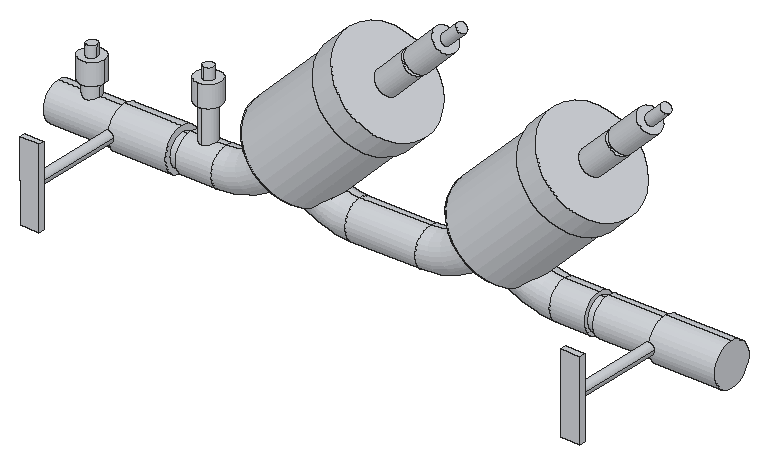
Revit family "3296f6af421649e3bc2975a93fadee55", category Pipe Accessories, Revit 2021
Family settings
  Round Connector Dimension = Use Radius
  Part Type = Valve - Breaks Into
  OmniClass Number = 23.65.55.14.21
  OmniClass Title = Non-Return Valves for Liquid Services
  Seek Item ID = Backflow Preventer - 0.5-2 Inch-0000-USA-ENU
  Work Plane-Based = No
  Always vertical = Yes
  Cut with Voids When Loaded = No
  Shared = No
Parameters (values of type "1/2"")
  Width 2 = Outside Radius * 0.45  # 0' - 0.135"
  Width 1 = 0' - 0 3/4"
  Valve Material = none
  Valve Length = 0' - 9 9/16"
  Thickness 1 = Outside Radius * 0.25  # 0' - 0.075"
  Radius 9 = Outside Radius * 0.4  # 0' - 0.12"
  Radius 8 = Outside Radius * 0.25  # 0' - 0.075"
  Radius 7 = Outside Radius * 0.6  # 0' - 0.18"
  Radius 6 = Width 1  # 0' - 0 3/4"
  Radius 5 = 0.95 * Width 1  # 0' - 0.7125"
  Radius 4 = Outside Radius * 0.75  # 0' - 0.225"
  Radius 3 = Outside Radius * 0.9  # 0' - 0.27"
  Radius 2 = 0' - 1"
  Radius 10 = 0.75 * Width 1  # 0' - 0 9/16"
  Radius 1 = 0' - 1"
  Pressure Drop [instance] = 5.00 psi
  Outside Radius = 1 / 2 * Outside Diameter  # 0' - 0.3"
  Outside Diameter = 1.2 * Nominal Diameter  # 0' - 0.6"
  Open Height = 0' - 3 11/16"
  Nominal Radius = 1/4"
  Nominal Diameter = Nominal Radius * 2  # 1/2"
  Length 9 = 1.75 / 20 * Length  # 0' - 0.32725"
  Length 8 = 0.25 / 20 * Length  # 0' - 0.04675"
  Length 7 = 3 / 20 * Length  # 0' - 0.56101"
  Length 6 = 2 / 20 * Length  # 0' - 0.374"
  Length 5 = 8 / 20 * Length  # 0' - 1.49602"
  Length 4 = 1 / 20 * Length  # 0' - 0.187"
  Length 3 = 1 / 4 * Length 1  # 0' - 0 1/8"
  Length 2 = 0' - 0 1/2"
  Length 1 = 0' - 0 1/2"
  Length = (C1 Offset 1 + (Radius 1 * sin(Angle 1)) - Radius 1) / sin(Angle 2)  # 0' - 3.74004"
  Height 6 = 1 / 6 * Height 1  # 0' - 0.15"
  Height 5 = 1 / 3 * Height 1  # 0' - 0.3"
  Height 4 = 1 / 20 * Height 1  # 0' - 0.045"
  Height 3 = 9 / 20 * Height 1  # 0' - 0.405"
  Height 2 = 2 * Outside Diameter  # 0' - 1.2"
  Height 1 = 1.5 * Outside Diameter  # 0' - 0.9"
  Default Elevation = 0' - 0"
  C1 Offset 2 = 0' - 1 11/16"
  C1 Offset 1 = 0' - 2 15/16"
  Body Length = 0' - 5 13/16"
  Angle 2 = 90.00° - Angle 1  # 45.00°
  Angle 1 = 45.00°
Types (7): name | Width 2 | Width 1 | Valve Length | Thickness 1 | Radius 9 | Radius 8 | Radius 7 | Radius 6 | Radius 5 | Radius 4 | Radius 3 | Radius 2 | Radius 10 | Radius 1 | Pressure Drop | Outside Radius | Outside Diameter | Open Height | Nominal Radius | Nominal Diameter | Length 9 | Length 8 | Length 7 | Length 6 | Length 5 | Length 4 | Length 3 | Length 2 | Length 1 | Length | Height 6 | Height 5 | Height 4 | Height 3 | Height 2 | Height 1 | C1 Offset 2 | C1 Offset 1 | Body Length
  (no name) | 0' - 0.135" | 0' - 0 3/4" | 0' - 9 9/16" | 0' - 0.075" | 0' - 0.12" | 0' - 0.075" | 0' - 0.18" | 0' - 0 3/4" | 0' - 0.7125" | 0' - 0.225" | 0' - 0.27" | 0' - 1" | 0' - 0 9/16" | 0' - 1" | 5.00 psi | 0' - 0.3" | 0' - 0.6" | 0' - 3 11/16" | 1/4" | 1/2" | 0' - 0.32725" | 0' - 0.04675" | 0' - 0.56101" | 0' - 0.374" | 0' - 1.49602" | 0' - 0.187" | 0' - 0 1/8" | 0' - 0 1/2" | 0' - 0 1/2" | 0' - 3.74004" | 0' - 0.15" | 0' - 0.3" | 0' - 0.045" | 0' - 0.405" | 0' - 1.2" | 0' - 0.9" | 0' - 1 11/16" | 0' - 2 15/16" | 0' - 5 13/16"
  1/2" | 0' - 0.135" | 0' - 0 3/4" | 0' - 9 9/16" | 0' - 0.075" | 0' - 0.12" | 0' - 0.075" | 0' - 0.18" | 0' - 0 3/4" | 0' - 0.7125" | 0' - 0.225" | 0' - 0.27" | 0' - 1" | 0' - 0 9/16" | 0' - 1" | 5.00 psi | 0' - 0.3" | 0' - 0.6" | 0' - 3 11/16" | 1/4" | 1/2" | 0' - 0.32725" | 0' - 0.04675" | 0' - 0.56101" | 0' - 0.374" | 0' - 1.49602" | 0' - 0.187" | 0' - 0 1/8" | 0' - 0 1/2" | 0' - 0 1/2" | 0' - 3.74004" | 0' - 0.15" | 0' - 0.3" | 0' - 0.045" | 0' - 0.405" | 0' - 1.2" | 0' - 0.9" | 0' - 1 11/16" | 0' - 2 15/16" | 0' - 5 13/16"
  3/4" | 0' - 0.2025" | 0' - 1 1/16" | 1' - 0 1/8" | 0' - 0.1125" | 0' - 0.18" | 0' - 0.1125" | 0' - 0.27" | 0' - 1 1/16" | 0' - 1.00937" | 0' - 0.3375" | 0' - 0.405" | 0' - 0 3/4" | 0' - 0 51/64" | 0' - 0 1/2" | 5.10 psi | 0' - 0.45" | 0' - 0.9" | 0' - 5" | 3/8" | 3/4" | 0' - 0.41498" | 0' - 0.05928" | 0' - 0.7114" | 0' - 0.47426" | 0' - 1.89706" | 0' - 0.23713" | 0' - 0 41/128" | 0' - 0 3/4" | 0' - 1 9/32" | 0' - 4.74264" | 0' - 0.225" | 0' - 0.45" | 0' - 0.0675" | 0' - 0.6075" | 0' - 1.8" | 0' - 1.35" | 0' - 2 1/16" | 0' - 3 1/2" | 0' - 7 11/16"
  1" | 0' - 0.27" | 0' - 1 5/16" | 1' - 2 3/16" | 0' - 0.15" | 0' - 0.24" | 0' - 0.15" | 0' - 0.36" | 0' - 1 5/16" | 0' - 1.24687" | 0' - 0.45" | 0' - 0.54" | 0' - 1 1/2" | 0' - 0 63/64" | 0' - 1" | 5.50 psi | 0' - 0.6" | 0' - 1.2" | 0' - 4 9/16" | 1/2" | 1" | 0' - 0.44326" | 0' - 0.06332" | 0' - 0.75988" | 0' - 0.50659" | 0' - 2.02635" | 0' - 0.25329" | 0' - 0 1/4" | 0' - 1" | 0' - 1" | 0' - 5.06586" | 0' - 0.3" | 0' - 0.6" | 0' - 0.09" | 0' - 0.81" | 0' - 2.4" | 0' - 1.8" | 0' - 2 7/16" | 0' - 3 7/8" | 0' - 9 5/8"
  1 1/4" | 0' - 0.3375" | 0' - 1 5/8" | 1' - 6 15/16" | 0' - 0 3/16" | 0' - 0.3" | 0' - 0 3/16" | 0' - 0.45" | 0' - 1 5/8" | 0' - 1.54375" | 0' - 0 9/16" | 0' - 0.675" | 0' - 2" | 0' - 1 7/32" | 0' - 1 1/2" | 5.00 psi | 0' - 0 3/4" | 0' - 1 1/2" | 0' - 6 1/8" | 5/8" | 1 1/4" | 0' - 0.57982" | 0' - 0.08283" | 0' - 0.99398" | 0' - 0.66265" | 0' - 2.65061" | 0' - 0.33133" | 0' - 0 1/4" | 0' - 1" | 0' - 1" | 0' - 6.62652" | 0' - 0 3/8" | 0' - 0 3/4" | 0' - 0.1125" | 0' - 1.0125" | 0' - 3" | 0' - 2 1/4" | 0' - 2 5/8" | 0' - 5 1/8" | 0' - 11 11/16"
  1 1/2" | 0' - 0.405" | 0' - 1 5/8" | 1' - 6 15/16" | 0' - 0.225" | 0' - 0.36" | 0' - 0.225" | 0' - 0.54" | 0' - 1 5/8" | 0' - 1.54375" | 0' - 0.675" | 0' - 0.81" | 0' - 2" | 0' - 1 7/32" | 0' - 1 1/2" | 5.00 psi | 0' - 0.9" | 0' - 1.8" | 0' - 6 1/8" | 3/4" | 1 1/2" | 0' - 0.57982" | 0' - 0.08283" | 0' - 0.99398" | 0' - 0.66265" | 0' - 2.65061" | 0' - 0.33133" | 0' - 0 1/4" | 0' - 1" | 0' - 1" | 0' - 6.62652" | 0' - 0.45" | 0' - 0.9" | 0' - 0.135" | 0' - 1.215" | 0' - 3.6" | 0' - 2.7" | 0' - 3 1/8" | 0' - 5 1/8" | 0' - 11 11/16"
  2" | 0' - 0.54" | 0' - 1 15/16" | 1' - 9 3/16" | 0' - 0.3" | 0' - 0.48" | 0' - 0.3" | 0' - 0.72" | 0' - 1 15/16" | 0' - 1.84062" | 0' - 0.9" | 0' - 1.08" | 0' - 3" | 0' - 1 29/64" | 0' - 2" | 4.00 psi | 0' - 1.2" | 0' - 2.4" | 0' - 7 1/16" | 1" | 2" | 0' - 0.62357" | 0' - 0.08908" | 0' - 1.06898" | 0' - 0.71265" | 0' - 2.85061" | 0' - 0.35633" | 0' - 0 1/4" | 0' - 0 3/4" | 0' - 1" | 0' - 7.12652" | 0' - 0.6" | 0' - 1.2" | 0' - 0.18" | 0' - 1.62" | 0' - 4.8" | 0' - 3.6" | 0' - 3 7/16" | 0' - 5 5/8" | 1' - 1 3/8"
Reference planes (in)
  plane 1 "Center (Front/Back)": y = 0
  plane 2: z = 0
  plane 3 "Center (Left/Right)": x = 0
  plane 4: x = -2.90625
  plane 5: x = 2.90625
  plane 6: x = -4.78125
  plane 7: x = 4.78125
  plane 8: x = -2.40625
  plane 9: x = 0.5
  plane 10: x = 2.40625
  plane 11: x = -0.5
  plane 12: z = 1
  plane 13: z = 1
  plane 14: x = -3.84375
  plane 15: x = 3.84375
  plane 16: x = -3.03125
  plane 17: x = 3.03125
  plane 18: x = -2.65625
  plane 19: x = -3.97875
  plane 20: x = -3.70875
  plane 21: x = -4.3125
  plane 22: z = 0.9
  plane 23: z = 1.2
  plane 24: y = -1.6875
  plane 25: x = 3.97875
  plane 26: x = 3.70875
Forms (in)
  Sweep 1, solid, material <- "Valve Material", detail levels fine
    path origin (0, 0, 0) x (1, 0, 0) y (0, 0, 1)
      loop
        line (-2.90625, 0) -> (-2.40625, 0)
    profile origin (-2.65625, 0, 0) x (0, 0, 1) y (0, -1, 0)
      loop
        circle (0, 0) r 0.27
  Sweep 2, solid, material <- "Valve Material", detail levels fine
    path origin (0, 0, 0) x (1, 0, 0) y (0, 0, 1)
      loop
        line (2.40625, 0) -> (2.90625, 0)
    profile origin (2.65625, 0, 0) x (0, 0, 1) y (0, -1, 0)
      loop
        circle (0, 0) r 0.27
  Sweep 3, solid, material <- "Valve Material", detail levels fine
    path origin (0, 0, 0) x (1, 0, 0) y (0, 0, 1)
      loop
        line (-0.5, 0) -> (0.5, 0)
    profile origin (0, 0, 0) x (0, 0, 1) y (0, -1, 0)
      loop
        circle (0, 0) r 0.27
  Sweep 4, solid, material <- "Valve Material", detail levels fine
    path in 3D
      loop
        arc (-2.40625, 0, 0) -> (-2.02357, 0, 0.07612) -> (-1.69914, 0, 0.29289) r 1
    profile origin (-2.02357, 0, 0.07612) x (-0.382683, 0, 0.92388) y (0, -1, 0)
      loop
        circle (0, 0) r 0.27
  Sweep 5, solid, material <- "Valve Material", detail levels fine
    path in 3D
      loop
        arc (0.5, 0, 0) -> (0.88268, 0, 0.07612) -> (1.20711, 0, 0.29289) r 1
    profile origin (0.88268, 0, 0.07612) x (-0.382683, 0, 0.92388) y (0, -1, 0)
      loop
        circle (0, 0) r 0.27
  Sweep 6, solid, material <- "Valve Material", detail levels fine
    path origin (0, 0, 0) x (1, 0, 0) y (0, 0, 1)
      loop
        line (-1.69914, 0.29289) -> (-1.56691, 0.42512)
    profile origin (-1.63303, 0, 0.35901) x (-0.707107, 0, 0.707107) y (0, -1, 0)
      loop
        circle (0, 0) r 0.3
  Sweep 7, solid, material <- "Valve Material", detail levels fine
    path origin (0, 0, 0) x (1, 0, 0) y (0, 0, 1)
      loop
        line (1.20711, 0.29289) -> (1.33934, 0.42512)
    profile origin (1.27322, 0, 0.35901) x (-0.707107, 0, 0.707107) y (0, -1, 0)
      loop
        circle (0, 0) r 0.3
  Blend 8, solid, material <- "Valve Material", detail levels fine
    base sketch origin (-1.56691, 0, 0.42512) x (0, -1, 0) y (0.707107, 0, -0.707107)
      loop
        circle (0, 0) r 0.3
    top sketch origin (-1.56691, 0, 0.42512) x (0, -1, 0) y (0.707107, 0, -0.707107)
      loop
        circle (0, 0) r 0.7125
    from 0 to 0.187
  Blend 9, solid, material <- "Valve Material", detail levels fine
    base sketch origin (1.33934, 0, 0.42512) x (0, -1, 0) y (0.707107, 0, -0.707107)
      loop
        circle (0, 0) r 0.3
    top sketch origin (1.33934, 0, 0.42512) x (0, -1, 0) y (0.707107, 0, -0.707107)
      loop
        circle (0, 0) r 0.7125
    from 0 to 0.187
  Sweep 10, solid, material <- "Valve Material", detail levels fine
    path origin (0, 0, 0) x (1, 0, 0) y (0, 0, 1)
      loop
        line (-1.43468, 0.55735) -> (-0.37684, 1.6152)
    profile origin (-0.90576, 0, 1.08628) x (-0.707107, 0, 0.707107) y (0, -1, 0)
      loop
        circle (0, 0) r 0.7125
  Sweep 11, solid, material <- "Valve Material", detail levels fine
    path origin (0, 0, 0) x (1, 0, 0) y (0, 0, 1)
      loop
        line (1.47157, 0.55735) -> (2.52941, 1.6152)
    profile origin (2.00049, 0, 1.08628) x (-0.707107, 0, 0.707107) y (0, -1, 0)
      loop
        circle (0, 0) r 0.7125
  Sweep 12, solid, material <- "Valve Material", detail levels fine
    path in 3D
      loop
        arc (-0.5, 0, 0) -> (-1.03995, 0, 0.1583) -> (-1.40895, 0, 0.58309) r 1
    profile origin (-1.03995, 0, 0.1583) x (-0.539949, 0, -0.841698) y (0, -1, 0)
      loop
        circle (0, 0) r 0.27
  Sweep 13, solid, material <- "Valve Material", detail levels fine
    path in 3D
      loop
        arc (2.40625, 0, 0) -> (1.8663, 0, 0.1583) -> (1.4973, 0, 0.58309) r 1
    profile origin (1.8663, 0, 0.1583) x (-0.539949, 0, -0.841698) y (0, -1, 0)
      loop
        circle (0, 0) r 0.27
  Sweep 14, solid, material <- "Valve Material", detail levels fine
    path origin (0, 0, 0) x (1, 0, 0) y (0, 0, 1)
      loop
        line (-0.37684, 1.6152) -> (-0.11238, 1.87966)
    profile origin (-0.24461, 0, 1.74743) x (-0.707107, 0, 0.707107) y (0, -1, 0)
      loop
        circle (0, 0) r 0.75
  Sweep 15, solid, material <- "Valve Material", detail levels fine
    path origin (0, 0, 0) x (1, 0, 0) y (0, 0, 1)
      loop
        line (2.52941, 1.6152) -> (2.79387, 1.87966)
    profile origin (2.66164, 0, 1.74743) x (-0.707107, 0, 0.707107) y (0, -1, 0)
      loop
        circle (0, 0) r 0.75
  Sweep 16, solid, material <- "Valve Material", detail levels fine
    path origin (0, 0, 0) x (1, 0, 0) y (0, 0, 1)
      loop
        line (-0.11238, 1.87966) -> (0.28431, 2.27635)
    profile origin (0.08597, 0, 2.078) x (-0.707107, 0, 0.707107) y (0, -1, 0)
      loop
        circle (0, 0) r 0.18
  Sweep 17, solid, material <- "Valve Material", detail levels fine
    path origin (0, 0, 0) x (1, 0, 0) y (0, 0, 1)
      loop
        line (2.79387, 1.87966) -> (3.19056, 2.27635)
    profile origin (2.99222, 0, 2.078) x (-0.707107, 0, 0.707107) y (0, -1, 0)
      loop
        circle (0, 0) r 0.18
  Sweep 18, solid, material <- "Valve Material", detail levels fine
    path origin (0, 0, 0) x (1, 0, 0) y (0, 0, 1)
      loop
        line (0.28431, 2.27635) -> (0.31737, 2.30941)
    profile origin (0.30084, 0, 2.29288) x (-0.707107, 0, 0.707107) y (0, -1, 0)
      loop
        circle (0, 0) r 0.075
  Sweep 19, solid, material <- "Valve Material", detail levels fine
    path origin (0, 0, 0) x (1, 0, 0) y (0, 0, 1)
      loop
        line (3.19056, 2.27635) -> (3.22362, 2.30941)
    profile origin (3.20709, 0, 2.29288) x (-0.707107, 0, 0.707107) y (0, -1, 0)
      loop
        circle (0, 0) r 0.075
  Sweep 20, solid, material <- "Valve Material", detail levels fine
    path origin (0, 0, 0) x (1, 0, 0) y (0, 0, 1)
      loop
        line (0.31737, 2.30941) -> (0.71406, 2.7061)
    profile origin (0.51571, 0, 2.50775) x (-0.707107, 0, 0.707107) y (0, -1, 0)
      loop
        circle (0, 0) r 0.18
  Sweep 21, solid, material <- "Valve Material", detail levels fine
    path origin (0, 0, 0) x (1, 0, 0) y (0, 0, 1)
      loop
        line (3.22362, 2.30941) -> (3.62031, 2.7061)
    profile origin (3.42196, 0, 2.50775) x (-0.707107, 0, 0.707107) y (0, -1, 0)
      loop
        circle (0, 0) r 0.18
  Sweep 22, solid, material <- "Valve Material", detail levels fine
    path origin (0, 0, 0) x (1, 0, 0) y (0, 0, 1)
      loop
        line (0.71406, 2.7061) -> (0.94546, 2.9375)
    profile origin (0.82976, 0, 2.8218) x (-0.707107, 0, 0.707107) y (0, -1, 0)
      loop
        circle (0, 0) r 0.075
  Sweep 23, solid, material <- "Valve Material", detail levels fine
    path origin (0, 0, 0) x (1, 0, 0) y (0, 0, 1)
      loop
        line (3.62031, 2.7061) -> (3.85171, 2.9375)
    profile origin (3.73601, 0, 2.8218) x (-0.707107, 0, 0.707107) y (0, -1, 0)
      loop
        circle (0, 0) r 0.075
  Sweep 24, solid, material <- "Valve Material", detail levels fine
    path origin (0, 0, 0) x (1, 0, 0) y (0, 0, 1)
      loop
        line (3.84375, 0) -> (4.78125, 0)
    profile origin (4.3125, 0, 0) x (0, 0, 1) y (0, -1, 0)
      loop
        circle (0, 0) r 0.3
  Sweep 25, solid, material <- "Valve Material", detail levels fine
    path origin (0, 0, 0) x (1, 0, 0) y (0, 0, 1)
      loop
        line (-3.84375, 0) -> (-3.03125, 0)
    profile origin (-3.4375, 0, 0) x (0, 0, 1) y (0, -1, 0)
      loop
        circle (0, 0) r 0.3
  Sweep 26, solid, material <- "Valve Material", detail levels fine
    path origin (0, 0, 0) x (1, 0, 0) y (0, 0, 1)
      loop
        line (-3.84375, 0) -> (-4.78125, 0)
    profile origin (-4.3125, 0, 0) x (0, 0, -1) y (0, -1, 0)
      loop
        circle (0, 0) r 0.27
  Sweep 27, solid, material <- "Valve Material", detail levels fine
    path origin (0, 0, 0) x (1, 0, 0) y (0, 0, 1)
      loop
        line (3.03125, 0) -> (3.84375, 0)
    profile origin (3.4375, 0, 0) x (0, 0, 1) y (0, -1, 0)
      loop
        circle (0, 0) r 0.27
  Sweep 28, solid, material <- "Valve Material", detail levels fine
    path origin (0, 0, 0) x (1, 0, 0) y (0, 0, 1)
      loop
        line (-3.03125, 0) -> (-2.90625, 0)
    profile origin (-2.96875, 0, 0) x (0, 0, 1) y (0, -1, 0)
      loop
        circle (0, 0) r 0.225
  Sweep 29, solid, material <- "Valve Material", detail levels fine
    path origin (0, 0, 0) x (1, 0, 0) y (0, 0, 1)
      loop
        line (2.90625, 0) -> (3.03125, 0)
    profile origin (2.96875, 0, 0) x (0, 0, 1) y (0, -1, 0)
      loop
        circle (0, 0) r 0.225
  Sweep 30, solid, material <- "Valve Material", detail levels fine
    path origin (0, 0, 0) x (1, 0, 0) y (0, 0, 1)
      loop
        line (-4.3125, 0) -> (-4.3125, 0.405)
    profile origin (-4.3125, 0, 0.2025) x (-1, 0, 0) y (0, -1, 0)
      loop
        circle (0, 0) r 0.12
  Sweep 31, solid, material <- "Valve Material", detail levels fine
    path origin (0, 0, 0) x (1, 0, 0) y (0, 0, 1)
      loop
        line (-4.3125, 0.405) -> (-4.3125, 0.45)
    profile origin (-4.3125, 0, 0.4275) x (-1, 0, 0) y (0, -1, 0)
      loop
        circle (0, 0) r 0.075
  Sweep 32, solid, material <- "Valve Material", detail levels fine
    path origin (0, 0, 0) x (1, 0, 0) y (0, 0, 1)
      loop
        line (-4.3125, 0.45) -> (-4.3125, 0.75)
    profile origin (-4.3125, 0, 0.6) x (-1, 0, 0) y (0, -1, 0)
      loop
        circle (0, 0) r 0.18
  Sweep 33, solid, material <- "Valve Material", detail levels fine
    path origin (0, 0, 0) x (1, 0, 0) y (0, 0, 1)
      loop
        line (-4.3125, 0.75) -> (-4.3125, 0.9)
    profile origin (-4.3125, 0, 0.825) x (-1, 0, 0) y (0, -1, 0)
      loop
        circle (0, 0) r 0.075
  Sweep 34, solid, material <- "Valve Material", detail levels fine
    path origin (0, 0, 0) x (1, 0, 0) y (0, 0, 1)
      loop
        line (-2.65625, 1.2) -> (-2.65625, 1.05)
    profile origin (-2.65625, 0, 1.125) x (0, -1, 0) y (1, 0, 0)
      loop
        circle (0, 0) r 0.075
  Sweep 35, solid, material <- "Valve Material", detail levels fine
    path origin (0, 0, 0) x (1, 0, 0) y (0, 0, 1)
      loop
        line (-2.65625, 1.05) -> (-2.65625, 0.75)
    profile origin (-2.65625, 0, 0.9) x (0, -1, 0) y (1, 0, 0)
      loop
        circle (0, 0) r 0.18
  Sweep 36, solid, material <- "Valve Material", detail levels fine
    path origin (0, 0, 0) x (1, 0, 0) y (0, 0, 1)
      loop
        line (-2.65625, 0.75) -> (-2.65625, 0.705)
    profile origin (-2.65625, 0, 0.7275) x (0, -1, 0) y (1, 0, 0)
      loop
        circle (0, 0) r 0.075
  Sweep 37, solid, material <- "Valve Material", detail levels fine
    path origin (0, 0, 0) x (1, 0, 0) y (0, 0, 1)
      loop
        line (-2.65625, 0.705) -> (-2.65625, 0)
    profile origin (-2.65625, 0, 0.3525) x (0, -1, 0) y (1, 0, 0)
      loop
        circle (0, 0) r 0.12
  Sweep 38, solid, material <- "Valve Material", detail levels fine
    path origin (0, 0, 0) x (1, 0, 0) y (0, 1, 0)
      loop
        line (-3.84375, 0) -> (-3.84375, -1.6875)
    profile origin (-3.84375, -0.84375, 0) x (1, 0, 0) y (0, 0, 1)
      loop
        circle (0, 0) r 0.075
  Sweep 39, solid, material <- "Valve Material", detail levels fine
    path origin (0, 0, 0) x (-1, 0, 0) y (0, -1, 0)
      loop
        line (-3.84375, 0) -> (-3.84375, 1.6875)
    profile origin (3.84375, -0.84375, 0) x (1, 0, 0) y (0, 0, 1)
      loop
        circle (0, 0) r 0.075
  Extrusion 40, solid, material <- "Valve Material", detail levels fine
    sketch origin (-6.47135, -1.6875, 48) x (-1, 0, 0) y (0, 0, 1)
      loop
        line (-2.4926, -47.4375) -> (-2.7626, -47.4375) -> (-2.7626, -48.5625) -> (-2.4926, -48.5625) -> (-2.4926, -47.4375)
    from 0 to 0.075
  Extrusion 41, solid, material <- "Valve Material", detail levels fine
    sketch origin (6.47135, -1.6875, 48) x (1, 0, 0) y (0, 0, -1)
      loop
        line (-2.4926, 47.4375) -> (-2.4926, 48.5625) -> (-2.7626, 48.5625) -> (-2.7626, 47.4375) -> (-2.4926, 47.4375)
    from 0 to 0.075
Cuts and joins
  joined: Sweep 3, Sweep 5, Sweep 12
  joined: Sweep 2, Sweep 13
  joined: Sweep 1, Sweep 4, Sweep 37
  joined: Sweep 25, Sweep 26, Sweep 38, Extrusion 40
  joined: Sweep 24, Sweep 27, Sweep 39, Extrusion 41
Lines and regions (in)
  reference lines, not visible
    curve 1: line (-2.40625, 0, 1) -> (-1.69914, 0, 0.29289)
    curve 2: arc (-2.40625, 0, 0) -> (-2.02357, 0, 0.07612) -> (-1.69914, 0, 0.29289) r 1
    curve 3: line (0.5, 0, 1) -> (1.20711, 0, 0.29289)
    curve 4: arc (0.5, 0, 0) -> (0.88268, 0, 0.07612) -> (1.20711, 0, 0.29289) r 1
    curve 5: line (-1.69914, 0, 0.29289) -> (0.8452, 0, 2.83724)
    curve 6: line (1.20711, 0, 0.29289) -> (3.47088, 0, 2.55667)
    curve 7: arc (-0.5, 0, 0) -> (-1.03995, 0, 0.1583) -> (-1.40895, 0, 0.58309) r 1
    curve 8: arc (2.40625, 0, 0) -> (1.8663, 0, 0.1583) -> (1.4973, 0, 0.58309) r 1
  sketch lines
    curve 9: arc (-2.40625, 0, 0) -> (-2.02357, 0, 0.07612) -> (-1.69914, 0, 0.29289) r 1
    curve 10: arc (0.5, 0, 0) -> (0.88268, 0, 0.07612) -> (1.20711, 0, 0.29289) r 1
    curve 11: arc (-0.5, 0, 0) -> (-1.03995, 0, 0.1583) -> (-1.40895, 0, 0.58309) r 1
    curve 12: arc (2.40625, 0, 0) -> (1.8663, 0, 0.1583) -> (1.4973, 0, 0.58309) r 1
  model lines, detail levels coarse+medium
    curve 13: line (-4.78125, -1.84375, 0) -> (4.78125, -1.84375, 0)
    curve 14: line (-4.78125, 1.84375, 0) -> (-4.78125, -1.84375, 0)
    curve 15: line (4.78125, 1.84375, 0) -> (-4.78125, 1.84375, 0)
    curve 16: line (4.78125, -1.84375, 0) -> (4.78125, 1.84375, 0)
Dimensions and locks (in)
  equal spacing: plane 4, plane 3 "Center (Left/Right)", plane 5
  "Body Length": plane 4 to plane 5
  equal spacing: plane 6, plane 3 "Center (Left/Right)", plane 7
  "Valve Length": plane 6 to plane 7
  "Length 1": plane 4 to plane 8
  "Length 1": plane 3 "Center (Left/Right)" to plane 9
  "Length 2": plane 10 to plane 5
  "Length 2": plane 11 to plane 3 "Center (Left/Right)"
  "Radius 1": plane 12 to plane 2
  "Radius 2": plane 13 to plane 2
  "Length 4": Sweep 6 sketch curve to Sweep 6 sketch curve
  "Length 4": Sweep 7 sketch curve to Sweep 7 sketch curve
  "Length 4": Blend 8 to Blend 8
  "Length 4": Blend 9 to Blend 9
  "Length 5": Sweep 10 sketch curve to Sweep 10 sketch curve
  "Length 5": Sweep 11 sketch curve to Sweep 11 sketch curve
  "Length 6": Sweep 14 sketch curve to Sweep 14 sketch curve
  "Length 6": Sweep 15 sketch curve to Sweep 15 sketch curve
  "Length 7": Sweep 16 sketch curve to Sweep 16 sketch curve
  "Length 7": Sweep 17 sketch curve to Sweep 17 sketch curve
  "Length 8": Sweep 18 sketch curve to Sweep 18 sketch curve
  "Length 8": Sweep 19 sketch curve to Sweep 19 sketch curve
  "Length 7": Sweep 20 sketch curve to Sweep 20 sketch curve
  "Length 7": Sweep 21 sketch curve to Sweep 21 sketch curve
  "Length 9": Sweep 22 sketch curve to Sweep 22 sketch curve
  "Length 9": Sweep 23 sketch curve to Sweep 23 sketch curve
  equal spacing: plane 6, plane 14, plane 4
  equal spacing: plane 7, plane 15, plane 5
  "Length 3": plane 16 to plane 4
  "Length 3": plane 17 to plane 5
  equal spacing: plane 4, plane 18, plane 8
  "Width 2": plane 19 to plane 14
  equal spacing: plane 19, plane 14, plane 20
  equal spacing: plane 6, plane 21, plane 14
  "Height 1": plane 22 to plane 2
  "Height 2": plane 23 to plane 2
  "Height 3": Sweep 30 sketch curve to Sweep 30 sketch curve
  "Height 4": Sweep 31 sketch curve to Sweep 31 sketch curve
  "Height 5": Sweep 32 sketch curve to Sweep 32 sketch curve
  "Height 6": Sweep 34 sketch curve to Sweep 34 sketch curve
  "Height 5": Sweep 35 sketch curve to Sweep 35 sketch curve
  "Height 4": Sweep 36 sketch curve to Sweep 36 sketch curve
  "C1 Offset 2": plane 1 "Center (Front/Back)" to plane 24
  equal spacing: Extrusion 40 sketch curve, plane 2, Extrusion 40 sketch curve
  "Radius 10": Extrusion 40 sketch curve to plane 2
  "Thickness 1": Extrusion 40 to plane 24
  "Width 2": plane 25 to plane 15
  equal spacing: plane 25, plane 15, plane 26
  equal spacing: Extrusion 41 sketch curve, plane 2, Extrusion 41 sketch curve
  "Radius 10": Extrusion 41 sketch curve to plane 2
  "Thickness 1": Extrusion 41 to plane 24
  equal spacing: curve 15, plane 1 "Center (Front/Back)", curve 13
  "Open Height": curve 15 to curve 13
  "Radius 1": radius of curve 2
  "Radius 1": radius of curve 4
  "Radius 2": radius of curve 8
  "Radius 2": radius of curve 7
  "Radius 3": radius of Sweep 1 sketch curve
  "Radius 3": radius of Sweep 2 sketch curve
  "Radius 3": radius of Sweep 3 sketch curve
  "Radius 3": radius of Sweep 4 sketch curve
  "Radius 3": radius of Sweep 5 sketch curve
  "Outside Radius": radius of Sweep 6 sketch curve
  "Outside Radius": radius of Sweep 7 sketch curve
  "Outside Radius": radius of Blend 8 sketch curve
  "Radius 5": radius of Blend 8 sketch curve
  "Outside Radius": radius of Blend 9 sketch curve
  "Radius 5": radius of Blend 9 sketch curve
  "Radius 5": radius of Sweep 10 sketch curve
  "Radius 5": radius of Sweep 11 sketch curve
  "Radius 3": radius of Sweep 12 sketch curve
  "Radius 3": radius of Sweep 13 sketch curve
  "Radius 6": radius of Sweep 14 sketch curve
  "Radius 6": radius of Sweep 15 sketch curve
  "Radius 7": radius of Sweep 16 sketch curve
  "Radius 7": radius of Sweep 17 sketch curve
  "Radius 8": radius of Sweep 18 sketch curve
  "Radius 8": radius of Sweep 19 sketch curve
  "Radius 7": radius of Sweep 20 sketch curve
  "Radius 7": radius of Sweep 21 sketch curve
  "Radius 8": radius of Sweep 22 sketch curve
  "Radius 8": radius of Sweep 23 sketch curve
  "Outside Radius": radius of Sweep 24 sketch curve
  "Outside Radius": radius of Sweep 25 sketch curve
  "Radius 3": radius of Sweep 26 sketch curve
  "Radius 3": radius of Sweep 27 sketch curve
  "Radius 4": radius of Sweep 28 sketch curve
  "Radius 4": radius of Sweep 29 sketch curve
  "Radius 9": radius of Sweep 30 sketch curve
  "Radius 8": radius of Sweep 31 sketch curve
  "Radius 7": radius of Sweep 32 sketch curve
  "Radius 8": radius of Sweep 33 sketch curve
  "Radius 8": radius of Sweep 34 sketch curve
  "Radius 7": radius of Sweep 35 sketch curve
  "Radius 8": radius of Sweep 36 sketch curve
  "Radius 9": radius of Sweep 37 sketch curve
  "Radius 8": radius of Sweep 38 sketch curve
  "Radius 8": radius of Sweep 39 sketch curve
  "Angle 1": angle curve 1 to plane 2
  "Angle 1": angle curve 3 to plane 2
  "Angle 2": angle plane 2 to curve 5
  "Angle 2": angle plane 2 to curve 6
  aligned and locked: plane 8 to curve 1
  aligned and locked: plane 12 to curve 1
  aligned and locked: plane 8 to curve 2  (x2)
  aligned and locked: plane 12 to curve 2
  aligned and locked: plane 9 to curve 3
  aligned and locked: plane 12 to curve 3
  aligned and locked: plane 12 to curve 4
  aligned and locked: plane 9 to curve 4
  aligned and locked: plane 11 to curve 7  (x2)
  aligned and locked: plane 13 to curve 7
  aligned and locked: plane 10 to curve 8  (x2)
  aligned and locked: plane 13 to curve 8
  aligned and locked: plane 4 to Sweep 1 sketch curve
  aligned and locked: Sweep 1 sketch curve to level
  aligned and locked: plane 8 to Sweep 1 sketch curve
  aligned and locked: plane 2 to Sweep 1 sketch curve
  aligned and locked: Sweep 1 sketch curve to curve 5
  aligned and locked: plane 10 to Sweep 2 sketch curve
  aligned and locked: Sweep 2 sketch curve to level
  aligned and locked: plane 5 to Sweep 2 sketch curve
  aligned and locked: plane 2 to Sweep 2 sketch curve
  aligned and locked: Sweep 2 sketch curve to curve 6
  aligned and locked: plane 11 to Sweep 3 sketch curve
  aligned and locked: Sweep 3 sketch curve to level
  aligned and locked: plane 9 to Sweep 3 sketch curve
  aligned and locked: plane 1 "Center (Front/Back)" to Sweep 3 sketch curve
  aligned and locked: plane 2 to Sweep 3 sketch curve
  aligned and locked: plane 1 "Center (Front/Back)" to Sweep 4 sketch curve
  aligned and locked: plane 1 "Center (Front/Back)" to Sweep 5 sketch curve
  aligned and locked: curve 1 to Sweep 6 sketch curve
  aligned and locked: Sweep 6 sketch curve to curve 5
  aligned and locked: plane 1 "Center (Front/Back)" to Sweep 6 sketch curve
  aligned and locked: curve 3 to Sweep 7 sketch curve
  aligned and locked: Sweep 7 sketch curve to curve 6
  aligned and locked: plane 1 "Center (Front/Back)" to Sweep 7 sketch curve
  aligned and locked: plane 1 "Center (Front/Back)" to Blend 8 sketch curve  (x2)
  aligned and locked: Blend 8 to Sweep 6
  aligned and locked: plane 1 "Center (Front/Back)" to Blend 9 sketch curve  (x2)
  aligned and locked: Blend 9 to Sweep 7
  aligned and locked: Blend 8 to Sweep 10 sketch curve
  aligned and locked: plane 1 "Center (Front/Back)" to Sweep 10 sketch curve
  aligned and locked: curve 5 to Sweep 10 sketch curve
  aligned and locked: curve 6 to Sweep 11 sketch curve
  aligned and locked: Blend 9 to Sweep 11 sketch curve
  aligned and locked: plane 1 "Center (Front/Back)" to Sweep 11 sketch curve
  aligned and locked: plane 1 "Center (Front/Back)" to Sweep 12 sketch curve
  aligned and locked: plane 1 "Center (Front/Back)" to Sweep 13 sketch curve
  aligned and locked: curve 5 to Sweep 14 sketch curve
  aligned and locked: Sweep 10 to Sweep 14 sketch curve
  aligned and locked: plane 1 "Center (Front/Back)" to Sweep 14 sketch curve
  aligned and locked: curve 6 to Sweep 15 sketch curve
  aligned and locked: Sweep 11 to Sweep 15 sketch curve
  aligned and locked: plane 1 "Center (Front/Back)" to Sweep 15 sketch curve
  aligned and locked: curve 5 to Sweep 16 sketch curve
  aligned and locked: Sweep 14 to Sweep 16 sketch curve
  aligned and locked: plane 1 "Center (Front/Back)" to Sweep 16 sketch curve
  aligned and locked: curve 6 to Sweep 17 sketch curve
  aligned and locked: Sweep 15 to Sweep 17 sketch curve
  aligned and locked: plane 1 "Center (Front/Back)" to Sweep 17 sketch curve
  aligned and locked: curve 5 to Sweep 18 sketch curve
  aligned and locked: Sweep 16 to Sweep 18 sketch curve
  aligned and locked: plane 1 "Center (Front/Back)" to Sweep 18 sketch curve
  aligned and locked: curve 6 to Sweep 19 sketch curve
  aligned and locked: Sweep 17 to Sweep 19 sketch curve
  aligned and locked: plane 1 "Center (Front/Back)" to Sweep 19 sketch curve
  aligned and locked: curve 5 to Sweep 20 sketch curve
  aligned and locked: Sweep 18 to Sweep 20 sketch curve
  aligned and locked: plane 1 "Center (Front/Back)" to Sweep 20 sketch curve
  aligned and locked: curve 6 to Sweep 21 sketch curve
  aligned and locked: Sweep 19 to Sweep 21 sketch curve
  aligned and locked: plane 1 "Center (Front/Back)" to Sweep 21 sketch curve
  aligned and locked: curve 5 to Sweep 22 sketch curve
  aligned and locked: Sweep 20 to Sweep 22 sketch curve
  aligned and locked: plane 1 "Center (Front/Back)" to Sweep 22 sketch curve
  aligned and locked: curve 6 to Sweep 23 sketch curve
  aligned and locked: Sweep 21 to Sweep 23 sketch curve
  aligned and locked: plane 1 "Center (Front/Back)" to Sweep 23 sketch curve
  aligned and locked: Sweep 24 sketch curve to plane 2
  aligned and locked: plane 7 to Sweep 24 sketch curve
  aligned and locked: plane 15 to Sweep 24 sketch curve
  aligned and locked: plane 2 to Sweep 24 sketch curve
  aligned and locked: plane 1 "Center (Front/Back)" to Sweep 24 sketch curve
  aligned and locked: Sweep 25 sketch curve to plane 2
  aligned and locked: plane 14 to Sweep 25 sketch curve
  aligned and locked: plane 16 to Sweep 25 sketch curve
  aligned and locked: level to Sweep 25 sketch curve
  aligned and locked: plane 1 "Center (Front/Back)" to Sweep 25 sketch curve
  aligned and locked: plane 2 to Sweep 26 sketch curve  (x2)
  aligned and locked: plane 6 to Sweep 26 sketch curve
  aligned and locked: plane 14 to Sweep 26 sketch curve
  aligned and locked: plane 1 "Center (Front/Back)" to Sweep 26 sketch curve
  aligned and locked: Sweep 27 sketch curve to plane 2
  aligned and locked: plane 15 to Sweep 27 sketch curve
  aligned and locked: plane 17 to Sweep 27 sketch curve
  aligned and locked: plane 2 to Sweep 27 sketch curve
  aligned and locked: plane 1 "Center (Front/Back)" to Sweep 27 sketch curve
  aligned and locked: Sweep 28 sketch curve to plane 2
  aligned and locked: plane 16 to Sweep 28 sketch curve
  aligned and locked: plane 4 to Sweep 28 sketch curve
  aligned and locked: plane 2 to Sweep 28 sketch curve
  aligned and locked: plane 1 "Center (Front/Back)" to Sweep 28 sketch curve
  aligned and locked: Sweep 29 sketch curve to plane 2
  aligned and locked: plane 5 to Sweep 29 sketch curve
  aligned and locked: plane 17 to Sweep 29 sketch curve
  aligned and locked: plane 2 to Sweep 29 sketch curve
  aligned and locked: plane 1 "Center (Front/Back)" to Sweep 29 sketch curve
  aligned and locked: Sweep 30 sketch curve to plane 21
  aligned and locked: plane 2 to Sweep 30 sketch curve
  aligned and locked: plane 1 "Center (Front/Back)" to Sweep 30 sketch curve
  aligned and locked: plane 21 to Sweep 30 sketch curve
  aligned and locked: Sweep 31 sketch curve to plane 21
  aligned and locked: plane 21 to Sweep 31 sketch curve
  aligned and locked: plane 1 "Center (Front/Back)" to Sweep 31 sketch curve
  aligned and locked: Sweep 32 sketch curve to plane 21
  aligned and locked: Sweep 31 to Sweep 32 sketch curve
  aligned and locked: plane 21 to Sweep 32 sketch curve
  aligned and locked: plane 1 "Center (Front/Back)" to Sweep 32 sketch curve
  aligned and locked: Sweep 33 sketch curve to plane 21
  aligned and locked: Sweep 32 to Sweep 33 sketch curve
  aligned and locked: plane 22 to Sweep 33 sketch curve
  aligned and locked: plane 1 "Center (Front/Back)" to Sweep 33 sketch curve
  aligned and locked: plane 21 to Sweep 33 sketch curve
  aligned and locked: plane 23 to Sweep 34 sketch curve
  aligned and locked: plane 18 to Sweep 34 sketch curve  (x2)
  aligned and locked: plane 1 "Center (Front/Back)" to Sweep 34 sketch curve
  aligned and locked: plane 18 to Sweep 35 sketch curve  (x2)
  aligned and locked: Sweep 34 to Sweep 35 sketch curve
  aligned and locked: plane 1 "Center (Front/Back)" to Sweep 35 sketch curve
  aligned and locked: plane 18 to Sweep 36 sketch curve  (x2)
  aligned and locked: Sweep 35 to Sweep 36 sketch curve
  aligned and locked: plane 1 "Center (Front/Back)" to Sweep 36 sketch curve
  aligned and locked: plane 18 to Sweep 37 sketch curve  (x2)
  aligned and locked: plane 2 to Sweep 37 sketch curve
  aligned and locked: Sweep 36 to Sweep 37 sketch curve
  aligned and locked: plane 1 "Center (Front/Back)" to Sweep 37 sketch curve
  aligned and locked: plane 14 to Sweep 38 sketch curve  (x2)
  aligned and locked: plane 24 to Sweep 38 sketch curve
  aligned and locked: plane 1 "Center (Front/Back)" to Sweep 38 sketch curve
  aligned and locked: plane 2 to Sweep 38 sketch curve
  aligned and locked: Sweep 39 sketch curve to plane 15
  aligned and locked: plane 24 to Sweep 39 sketch curve
  aligned and locked: plane 1 "Center (Front/Back)" to Sweep 39 sketch curve
  aligned and locked: Extrusion 40 sketch curve to plane 19
  aligned and locked: Extrusion 40 sketch curve to plane 20
  aligned and locked: plane 26 to Extrusion 41 sketch curve
  aligned and locked: plane 25 to Extrusion 41 sketch curve
Automatic sketch dimensions
  Sweep 4 sketch curve to profile plane = 0' - 0"
  Sweep 5 sketch curve to profile plane = 0' - 0"
  Sweep 6 sketch curve to profile plane = 0' - 0"
  Sweep 7 sketch curve to profile plane = 0' - 0"
  Sweep 12 sketch curve to profile plane = 0' - 0"
  Sweep 13 sketch curve to profile plane = 0' - 0"
  Sweep 39 sketch curve to plane 2 = 0' - 0"
  Sweep 39 sketch curve to profile plane = 0' - 0"
  Sweep 10 sketch curve to profile plane = 0' - 0"
  Sweep 11 sketch curve to profile plane = 0' - 0"
  Sweep 14 sketch curve to profile plane = 0' - 0"
  Sweep 15 sketch curve to profile plane = 0' - 0"
  Sweep 16 sketch curve to profile plane = 0' - 0"
  Sweep 17 sketch curve to profile plane = 0' - 0"
  Sweep 18 sketch curve to profile plane = 0' - 0"
  Sweep 19 sketch curve to profile plane = 0' - 0"
  Sweep 20 sketch curve to profile plane = 0' - 0"
  Sweep 21 sketch curve to profile plane = 0' - 0"
  Sweep 22 sketch curve to profile plane = 0' - 0"
  Sweep 23 sketch curve to profile plane = 0' - 0"
  curve 15 to plane 6 = 0' - 0"
  curve 15 to plane 7 = 0' - 0"
  level to Sweep 31 sketch curve = 0' - 0.405"
Nested families (in)
  nested 1: "BFP" at (0, 0, 0), type "BFP", detail levels coarse+medium
Connectors (in)
  piping at (-4.78125, 0, 0), diameter 0.5, driven by "Nominal Radius"
    settings: on cut or joined group of Sweep 25, Sweep 26, Sweep 38, Extrusion 40, index 1, connector inside diameter 1/2", connector length 0' - 0", flow factor 0, pipe flow 0 GPM, pressure drop 0.00 psi, fitting loss kfactor 0, connector angle 0.00°, fixture units 0, engagement length 0' - 0", angle of deflection 0.00°, flow configuration 0, flow direction 0, fitting loss method 4, system type 29, joint type 0, gender type 0, connector reference index 2, connector utility 0, adjustable connector no, is connector primary yes, connector description ""
  piping at (4.78125, 0, 0), diameter 0.5, driven by "Nominal Radius", driven by "Pressure Drop"
    settings: on cut or joined group of Sweep 24, Sweep 27, Sweep 39, Extrusion 41, index 2, connector inside diameter 1/2", connector length 0' - 0", flow factor 0, pipe flow 0 GPM, pressure drop 5.00 psi, fitting loss kfactor 0, connector angle 0.00°, fixture units 0, engagement length 0' - 0", angle of deflection 0.00°, flow configuration 0, flow direction 0, fitting loss method 4, system type 29, joint type 0, gender type 0, connector reference index 1, connector utility 0, adjustable connector no, is connector primary no, connector description ""
Definition of nested family "BFP"
  Reference planes (in)
    plane 1: y = 0
    plane 2: x = 0
  Text (in)
    text "BFP" at (-0.07945, 0.04535, 0)
